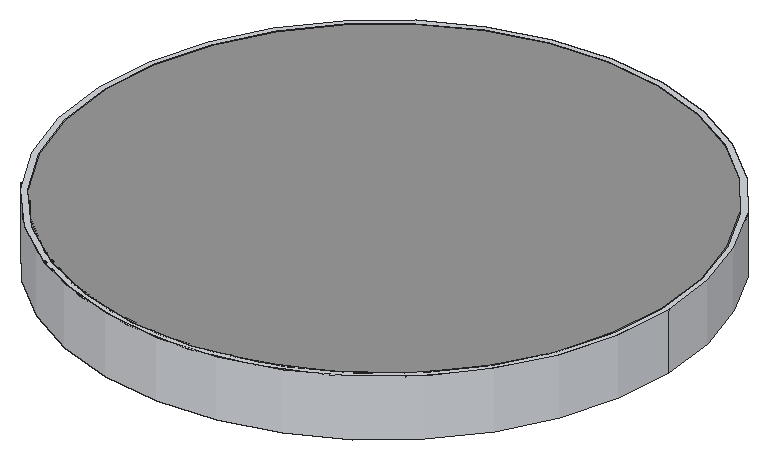
Revit family "2071198", category Lighting Fixtures, host Face, Revit 2018
Family settings
  Host = Face
  Round Connector Dimension = Use Diameter
  Part Type = Normal
  OmniClass Number = 23.80.70.00
  OmniClass Title = Lighting
  Cut with Voids When Loaded = No
  Light Source = Yes
  Shared = No
  Room Calculation Point = No
Parameters (values of type "2071198 COLOSSAL 600 830 OP DIR+H WHT EM")
  iner diameter = 588 mm
  Weight = "n/a"
  Wattage Comments = ""
  Wattage = 30 W
  WarrantyStartDate [instance] = "n/a"
  WarrantyGuarantorParts = "n/a"
  WarrantyDurationUnit = "n/a"
  WarrantyDurationParts = ""
  WarrantyDescription = "http://www.sylvania-lighting.com"
  built-in parameter 1150110 = 1 (stored number, unit not read)
  Voltage = 230 V
  URL = "0.95"
  TypeName = "COLOSSAL 600mm 830 OPAL DIR+HAL WHITE EM"
  Type Image = <None>
  Type Comments = "n/a"
  built-in parameter 1114217 = 1 (stored number, unit not read)
  Tilt Angle = -90.00°
  built-in parameter 1150109 = 1 (stored number, unit not read)
  built-in parameter 1150134 = (empty or 0)
  built-in parameter 1150113 = 1 (stored number, unit not read)
  SerialNumber [instance] = "n/a"
  Photometric Web File = "2071198.ies"
  Material_3_SYL = LED-Sylvania
  PowerFactor = 0
  PowerConsumption = "Lighting"
  NominalLength = 600 mm
  NominalHeight = 93 mm
  NominalDepth = 600 mm
  Name = "COLOSSAL 600mm 830 OPAL DIR+HAL WHITE EM"
  ModelReference = Name  # "COLOSSAL 600mm 830 OPAL DIR+HAL WHITE EM"
  ModelNumber = "2071198"
  Model = Name  # "COLOSSAL 600mm 830 OPAL DIR+HAL WHITE EM"
  Material = "Feilo Sylvania"
  ManufacturerName = "125 lm/W"
  Manufacturer = ""
  LuminousEfficacy = ""
  built-in parameter 1150105 = 270.44 (stored number, unit not read)
  Lumens = 3398.4 lm
  LuminaireType = "0"
  built-in parameter 1150115 = 1 (stored number, unit not read)
  LightOutputRatio = "LED"
  built-in parameter 1150137 = (empty or 0)
  built-in parameter 1150139 = (empty or 0)
  LampsType = Lamp  # "n/a"
  LampNominalLuminous = "3000 K"
  LampMacAdamStep = "80"
  LampColourTemperature = "LED"
  LampColourRenderingIndex = "16500"
  built-in parameter 1150112 = 1 (stored number, unit not read)
  built-in parameter 1150114 = 1 (stored number, unit not read)
  Lamp = "n/a"
  Keynote = "n/a"
  InstallationDate [instance] = "n/a"
  InputVoltage = "0"
  InputNominalFrequency = "3000"
  built-in parameter 1150132 = (empty or 0)
  built-in parameter 1150102 = (empty or 0)
  built-in parameter 1150107 = 3000 (stored number, unit not read)
  built-in parameter 1150138 = (empty or 0)
  IngressProtection = "IfcLightFixtureType"
  ImpactProtectionIndex = "IfcLightFixtureType"
  built-in parameter 1150106 = 2.7044 (stored number, unit not read)
  IfcExportType = "IfcLightFixtureType"
  IfcExportAs = "Class I"
  Emit from Circle Diameter = 385 mm
  Emit Shape Visible in Rendering = no
  ElectricShockClassification = "125"
  built-in parameter 1150104 = 10.524 (stored number, unit not read)
  DocumentationLiterature = "http://www.sylvania-lighting.com/product/en-int/products/2071198"
  DimmingControlOptions = "n/a"
  Material_2_SYL = Polycarbonate_Sylvania_White
  Dimming Lamp Color Temperature Shift = <None>
  Description = "600mm diameter circular architectural luminaire, can be surface mounted or suspended. Powder coated aluminium housing (RAL9016) with polycarbonate opal diffuser. Direct/indirect (halo) light distribution, 5190lm luminuous flux, 41.5W system power, 125lm/W luminiaire efficacy. Constant current driver. 3 hours integrated emergency. Colour rendering index Ra >80, 3000K Warm White LED, chromaticity tolerance of 3-step MacAdam ellipse. IP40, IK03. 450mA drive current. Electrical protection Class1, 220-240V. Reported lifetime 66k hours L90B10."
  Default Elevation = 1219.2 mm
  CreatedOn = "23/03/2022"
  CreatedBy = "@sylvania-lighting.com"
  Cost = 0
  Color Filter = 16777215
  built-in parameter 1114216 [instance] = (empty or 0)
  ClassificationValue = "EF_70_80"
  ClassificationName = "Uniclass2015"
  Material_1_SYL = Polycarbonate_Sylvania_Opal
  BarCode [instance] = "n/a"
  built-in parameter 1114218 = 1 (stored number, unit not read)
  built-in parameter 1150133 = 10 (stored number, unit not read)
  AssetType = "Fixed"
  AssetIdentifier [instance] = "n/a"
  Assembly Code = "D5020200"
  Apparent Load = 41.5 VA
  Material_4_SYL = none
Reference planes
  plane 1 "Center (Front/Back)": y = 0
  plane 2: z = 0
  plane 3 "Center (Left/Right)": x = 0
  plane 4: x = -300
  plane 5: x = 300
  plane 6: y = 300
  plane 7: y = -300
  plane 8: y = 212
  plane 9: y = -212
  plane 10: z = 93
  plane 11: y = 294
  plane 12: y = -294
  plane 13: through (0, 0, 1219.2) normal (0.5, -0.866, 0)
  plane 14: through (-134.29, 20.617, 1219.2) normal (0.5, -0.866, 0)
  plane 15: through (-144.685, -181.683, 1219.2) normal (-0.5, 0.866, 0)
  plane 16: through (0, 0, 1219.2) normal (0.5, 0.866, 0)
  plane 17: through (178.555, -4.939, 1219.2) normal (0.5, 0.866, 0)
  plane 18: through (87.581, -148.715, 1219.2) normal (0.5, 0.866, 0)
  plane 19: y = 272
  plane 20: through (105.168, 227.067, 1219.2) normal (0.866, 0.5, 0)
  plane 21: through (-104.171, 225.672, 1219.2) normal (0.8572, -0.515, 0)
  plane 22: y = -204.612
  plane 23: through (-296.643, -30.2, 1219.2) normal (0.866, 0.5, 0)
  plane 24: through (153.092, -278.837, 1219.2) normal (-0.866, 0.5, 0)
Forms (mm)
  Extrusion 1, solid, detail levels medium+fine
    sketch origin (0, 0, 0) x (1, 0, 0) y (0, 1, 0)
      loop
        circle (0, 0) r 300
    from 33.023 to 93
  Extrusion 2, void
    sketch origin (0, 0, 0) x (1, 0, 0) y (0, 1, 0)
      loop
        circle (0, 0) r 294
    from 93 to 37.292
  Extrusion 3, solid, material "Glass, White, High Luminance", detail levels fine
    sketch origin (0, 0, 0) x (1, 0, 0) y (0, 1, 0)
      loop
        circle (0, 0) r 294
    from 88.026 to 93
  Extrusion 4, solid, detail levels coarse
    sketch origin (0, 0, 0) x (1, 0, 0) y (0, 1, 0)
      loop
        line (-300, 300) -> (-300, -300) -> (300, -300) -> (300, 300) -> (-300, 300)
    from 0 to 93
  Blend 5, solid, detail levels medium+fine
    base sketch origin (0, 0, 0) x (1, 0, 0) y (0, 1, 0)
      loop
        line (-76.334, 272) -> (-277.665, -63.07) -> (-195.946, -204.612) -> (195.946, -204.612) -> (275.172, -67.388) -> (79.226, 272) -> (-76.334, 272)
    top sketch origin (0, 0, 0) x (1, 0, 0) y (0, 1, 0)
      loop
        line (-226.097, -32.388) -> (-141.097, -179.612) -> (141.097, -179.612) -> (226.097, -32.388) -> (85, 212) -> (-85, 212) -> (-226.097, -32.388)
    from 33.023 to 0
Cuts and joins
  Extrusion 2 cuts Extrusion 1
Lines and regions (mm)
  model lines
    curve 1: line (-85, 212, 0) -> (0, 212, 0)
    curve 2: line (0, 212, 0) -> (85, 212, 0)
Dimensions and locks
  "NominalDepth": plane 6 to plane 7
  "NominalLength": plane 4 to plane 5
  equal spacing: plane 4, plane 3 "Center (Left/Right)", plane 5
  "iner diameter": plane 11 to plane 12
  equal spacing: plane 11, plane 1 "Center (Front/Back)", plane 12
  equal spacing: plane 6, plane 1 "Center (Front/Back)", plane 7
  "NominalHeight": plane 10 to level
  radius of Extrusion 2 sketch curve = 294 mm
  aligned and locked: plane 2 to host face
  aligned and locked: level to host face
Automatic sketch dimensions
  host sketch curve to host sketch curve = 2438.4 mm  (x2)
  plane 1 "Center (Front/Back)" to Extrusion 1 sketch curve = 0 mm
  Extrusion 1 sketch curve to plane 3 "Center (Left/Right)" = 0 mm
  plane 1 "Center (Front/Back)" to Extrusion 2 sketch curve = 0 mm
  Extrusion 2 sketch curve to plane 3 "Center (Left/Right)" = 0 mm
  plane 1 "Center (Front/Back)" to Extrusion 3 sketch curve = 0 mm
  Extrusion 3 sketch curve to plane 3 "Center (Left/Right)" = 0 mm
  Extrusion 4 sketch curve to plane 4 = 0 mm
  Extrusion 4 sketch curve to plane 5 = 0 mm
  Extrusion 4 sketch curve to plane 7 = 0 mm
  Extrusion 4 sketch curve to plane 6 = 0 mm
  Blend 5 sketch curve to plane 8 = 0 mm
  Blend 5 sketch curve to plane 3 "Center (Left/Right)" = 85 mm
  plane 3 "Center (Left/Right)" to Blend 5 sketch curve = 85 mm
  plane 9 to Blend 5 sketch curve = 32.388 mm
  plane 3 "Center (Left/Right)" to Blend 5 sketch curve = 141.097 mm
  plane 1 "Center (Front/Back)" to Blend 5 sketch curve = 32.388 mm  (x2)
  Blend 5 sketch curve to plane 5 = 73.903 mm
  Blend 5 sketch curve to plane 3 "Center (Left/Right)" = 141.097 mm
  plane 4 to Blend 5 sketch curve = 73.903 mm
  curve 1 to plane 8 = 0 mm
  curve 2 to plane 3 "Center (Left/Right)" = 0 mm
  curve 1 to plane 3 "Center (Left/Right)" = 85 mm
  curve 1 to curve 2 = 85 mm
  Blend 5 sketch curve to plane 21 = 0 mm
  Blend 5 sketch curve to plane 23 = 0 mm  (x2)
  Blend 5 sketch curve to plane 22 = 0 mm
  Blend 5 sketch curve to plane 19 = 0 mm
  plane 21 to Blend 5 sketch curve = 0 mm
  Blend 5 sketch curve to plane 20 = 0 mm  (x2)
  Blend 5 sketch curve to plane 24 = 0 mm  (x2)
  radius of Extrusion 1 sketch curve = 300 mm
  radius of Extrusion 3 sketch curve = 294 mm
Connectors
  electrical at (0, 0, 0), driven by "Apparent Load", driven by "PowerFactor", driven by "Voltage"
    settings: index 1, voltage 230 V, apparent load 41.5 VA, apparent load phase1 0 VA, apparent load phase2 0 VA, apparent load phase3 0 VA, power factor 0, load classification "Lighting", number of poles 1, system type 30, power factor state 1, is connector primary yes, connector utility no, sub classification motor no, connector description ""
